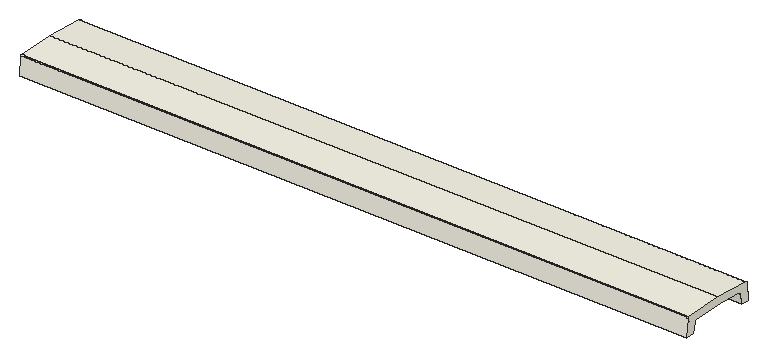
Revit family "Albardilla MA (12-22). C-1", category Modelos genéricos, Revit 2020
Family settings
  Puede alojar armadura = No
  Cota de conector redondo = Diámetro de uso
  Tipo de pieza = Normal
  Se basa en plano de trabajo = No
  Siempre vertical = No
  Corte con vacíos al cargar = No
  Compartido = No
  Punto de cálculo de habitación = No
Parameters (values of type "MA12")
  Descripción = "Pieza de hormigón polímero con anclaje de acero inoxidable."
  URL = "https://www.ulmaarchitectural.com/es-es"
  Nº filas anclajes [instance] = if(Longitud > 1500 mm, 3, if(Longitud < 730 mm, 2, Longitud / Dist. entre anclajes))  # 3
  Modelo = "Albardilla MA12"
  Material = Hormigón polímero STONEO. Color C-1
  Longitud real [instance] = if(Longitud > 1500 mm, 1500 mm, if(Longitud < 500 mm, 500 mm, Longitud))  # 1500 mm
  Longitud [instance] = 1500 mm
  Fabricante = "ULMA Architectural Solutions"
  Elevación por defecto = 0 mm
  Dist. entre anclajes [instance] = if(Longitud < 700 mm, 280 mm, 470 mm)  # 470 mm
  Dist primer anclaje [instance] = if(Longitud < 600 mm, 125 mm, 150 mm)  # 150 mm
  Código de montaje = "MA12"
  Ancho total = Ancho + 50 mm  # 170 mm
  Ancho doble = Ancho / 4  # 30 mm
  Ancho = 120 mm
  Altura inferior = Altura - 15 mm  # 29 mm
  Altura = if(Ancho > 250 mm, 46 mm, 44 mm)  # 44 mm
Types (6, lengths in mm): name | Modelo | Código de montaje | Ancho total | Ancho doble | Ancho
  (no name) | "Albardilla MA12" | "MA12" | 170 | 30 | 120
  MA12 | "Albardilla MA12" | "MA12" | 170 | 30 | 120
  MA14 | "Albardilla MA14" | "MA14" | 190 | 35 | 140
  MA17 | "Albardilla MA17" | "MA17" | 220 | 42.5 | 170
  MA22 | "Albardilla MA22" | "MA22" | 270 | 55 | 220
  MA19 | "Albardilla MA19" | "MA19" | 240 | 47.5 | 190
Reference planes
  plane 1 "Centro (Frontal/Posterior)": y = 0
  plane 2: z = 0
  plane 3 "Centro (Izquierda/Derecha)": x = 0
  plane 4: y = 30
  plane 5: y = -30
Forms (mm)
  Extrusion 1, solid, material "Hormigón polímero STONEO. Color C-1" <- "Material"
    sketch origin (0, 0, 0) x (0, 1, 0) y (0, 0, 1)
      loop
        line (85, 0) -> (81.634, 38.468)
        arc (81.634, 38.468) -> (81.005, 39.757) -> (79.675, 40.294) r 2
        line (79.675, 40.294) -> (0, 44) -> (-79.696, 40.35)
        arc (-79.696, 40.35) -> (-80.95, 39.866) -> (-81.614, 38.698) r 2
        line (-81.614, 38.698) -> (-85, 0) -> (-69, 0) -> (-65.14, 21.893)
        arc (-65.14, 21.893) -> (-63.507, 24.789) -> (-60.42, 26.021) r 5
        line (-60.42, 26.021) -> (0, 29) -> (60.414, 26.043)
        arc (60.414, 26.043) -> (63.503, 24.811) -> (65.136, 21.915) r 5
        line (65.136, 21.915) -> (69, 0) -> (85, 0)
    from 0 to 1500
Dimensions and locks
  "Longitud real": Extrusion 1 to Extrusion 1
  equal spacing: group 1, group 2, group 3  (x3)
  equal spacing: Extrusion 1 sketch curve, plane 1 "Centro (Frontal/Posterior)", Extrusion 1 sketch curve
  "Ancho doble": plane 4 to plane 1 "Centro (Frontal/Posterior)" to plane 5
  Extrusion 1 sketch curve to level = 40.35 mm
  "Altura": Extrusion 1 sketch curve to level
  Extrusion 1 sketch curve to level = 40.294 mm
  "Dist. entre anclajes": nested 1 to nested 2
  "Dist primer anclaje": Extrusion 1 to nested 1
  "Altura inferior": Extrusion 1 sketch curve to level
  Extrusion 1 sketch curve to Extrusion 1 sketch curve = 16 mm
  "Ancho total": Extrusion 1 sketch curve to Extrusion 1 sketch curve
  radius of Extrusion 1 sketch curve = 2 mm  (x2)
  radius of Extrusion 1 sketch curve = 5 mm  (x2)
  angle level to Extrusion 1 sketch curve = 85.00°
  angle Extrusion 1 sketch curve to level = 85.00°
  angle Extrusion 1 sketch curve to Extrusion 1 sketch curve = 100.00°  (x2)
  aligned and locked: level to plane 2
  aligned and locked: level to Extrusion 1 sketch curve
  aligned and locked: nested 1 to plane 1 "Centro (Frontal/Posterior)"
  aligned and locked: Extrusion 1 sketch curve to level
Automatic sketch dimensions
  Extrusion 1 sketch curve to plane 1 "Centro (Frontal/Posterior)" = 0 mm  (x2)
  Extrusion 1 sketch curve to Extrusion 1 sketch curve = 14.505 mm
  Extrusion 1 sketch curve to Extrusion 1 sketch curve = 0.052 mm
  Extrusion 1 sketch curve to Extrusion 1 sketch curve = 16 mm
  Extrusion 1 sketch curve to Extrusion 1 sketch curve = 19.228 mm
  level to Extrusion 1 sketch curve = 38.468 mm
  level to Extrusion 1 sketch curve = 26.021 mm
  Extrusion 1 sketch curve to Extrusion 1 sketch curve = 8.788 mm
  Extrusion 1 sketch curve to Extrusion 1 sketch curve = 0.203 mm
  Extrusion 1 sketch curve to Extrusion 1 sketch curve = 0.204 mm
  Extrusion 1 sketch curve to Extrusion 1 sketch curve = 0.868 mm
  Extrusion 1 sketch curve to Extrusion 1 sketch curve = 4.721 mm
Nested families
  nested 1: "Anclaje inoxidable tapas (150x100)" at (150, 0, 28.983) x (0, 1, 0) z (0, 0, 1), type "Anclaje inoxidable tapas (150x100)"
  nested 2: "Anclaje inoxidable tapas (150x100)" at (620, 0, 28.983) x (0, 1, 0) z (0, 0, 1), type "Anclaje inoxidable tapas (150x100)"
  nested 3: "Anclaje inoxidable tapas (150x100)" at (1090, 0, 28.983) x (0, 1, 0) z (0, 0, 1), type "Anclaje inoxidable tapas (150x100)"
Definition of nested family "Anclaje inoxidable tapas (150x100)"
  Parameters (values of type "Anclaje inoxidable tapas (150x100)")
    URL = "https://www.ulmaarchitectural.com/es-es"
    Model = "Sujeción anclaje inoxidable tapas (150x100) SPE"
    Material = none
    Manufacturer = "ULMA"
    Default Elevation = 0 mm
    Assembly Code = "901250015"
  Reference planes
    plane 1 "Centro (Frontal/Posterior)": y = 0
    plane 2: z = 0
    plane 3 "Centro (Izquierda/Derecha)": x = 0
  Dimensions and locks
    aligned and locked: level to plane 2
    aligned and locked: level to import instance
